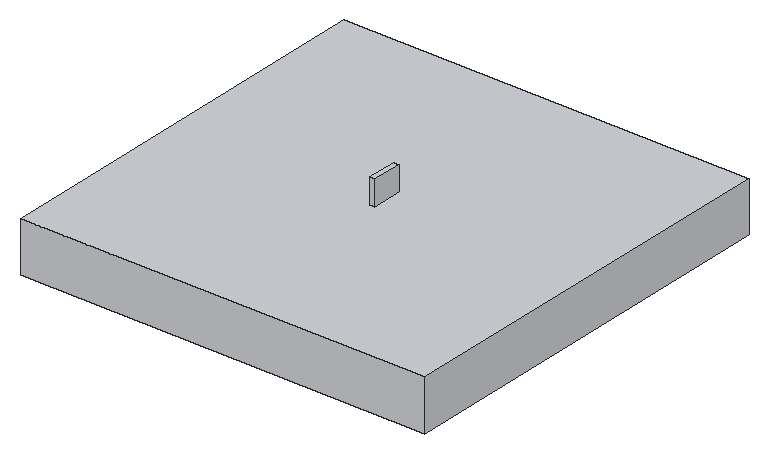
Revit family "LE_D_RE_Rettungszeichenleuchte_V1700", category Leuchten, Revit 2017
Family settings
  Basisbauteil = Fläche
  Bemaßung runder Anschluss = Durchmesser verwenden
  Teiletyp = Normal
  OmniClass-Nummer = 23.80.70.11.21
  OmniClass-Titel = Emergency Lighting
  Beim Laden mit Abzugskörper schneiden = Nein
  Lichtquelle = Ja
  Gemeinsam genutzt = Nein
  Raumberechnungspunkt = Nein
Parameters (values of type "Rettungszeichenleuchte_Wuerfel")
  pbr_Material_KZ = ""
  pbr_Material = none
  pbr_E_Typ = ""
  pbr_E_KZ = ""
  pbr_DINBild = 0
  pbr_Bild = 0
  Zentrale [instance] = ""
  Würfel = yes
  built-in parameter 1150104 = 13.8 (stored number, unit not read)
  Wirkleistung [instance] = 0 W
  Wattage = 9.2903 W
  Emit from Line Length = 609.6 mm
  built-in parameter 1150113 = 1 (stored number, unit not read)
  built-in parameter 1114218 = 1 (stored number, unit not read)
  Typ = ""
  Text3 = ""
  Text2 = ""
  Text1 = ""
  built-in parameter 1150134 = 3
  built-in parameter 1150109 = 1 (stored number, unit not read)
  built-in parameter 1150110 = 1 (stored number, unit not read)
  Scheinleistung [instance] = 0 VA
  Apparent Load = 0 VA
  Schaltgruppe2 [instance] = 0
  Schaltgruppe1 [instance] = 0
  Rettungszeichenleuchte = no
  Planungsbüro Rohling = "www.pbr.de"
  Menge(Dosenzahl) = 1
  Linie/Anschluss [instance] = ""
  built-in parameter 1114217 = 1 (stored number, unit not read)
  built-in parameter 1150139 = (empty or 0)
  built-in parameter 1150105 = 439.27 (stored number, unit not read)
  built-in parameter 1150114 = 1 (stored number, unit not read)
  Lumens = 1380 lm
  built-in parameter 1150115 = 1 (stored number, unit not read)
  Lampentyp [instance] = ""
  built-in parameter 1150112 = 1 (stored number, unit not read)
  Kommentar zur Wattzahl [instance] = ""
  Installationsart [instance] = ""
  Info = ""
  Light Source Symbol Size = 609.6 mm
  Gewerk [instance] = "SIBEL"
  Dimming Lamp Color Temperature Shift = (empty or 0)
  Color Filter = 16777215
  built-in parameter 1150133 = 10 (stored number, unit not read)
  built-in parameter 1150137 = (empty or 0)
  built-in parameter 1150132 = (empty or 0)
  Breite 1 = Breite * 0.7  # 21 mm
  Breite = 30 mm
  Spannung = 230 V
  built-in parameter 1150106 = 4.3927 (stored number, unit not read)
  Anzahl Pole = 1
  Material = none
  Lastklassifizierung = Beleuchtung
  Länge 1 = Länge * 0.7  # 126 mm
  Länge = 180 mm
  Tiefe 2 = 7 mm
  Tiefe 1 = 10.5 mm
  Default Elevation = 1219.2 mm
  built-in parameter 1150107 = 3200 (stored number, unit not read)
  built-in parameter 1150102 = (empty or 0)
  built-in parameter 1150138 = (empty or 0)
Types (2, lengths in mm): name | Würfel | Rettungszeichenleuchte | Länge 1 | Länge
  Rettungszeichenleuchte_Wuerfel | yes | no | 126 | 180
  Rettungszeichenleuchte_allg | no | yes | 140 | 200
Reference planes
  plane 1 "Mitte (Vorne/Hinten)": y = 0
  plane 2: z = 0
  plane 3 "Mitte (Links/Rechts)": x = 0
  plane 4: y = 90
  plane 5: y = -90
  plane 6: x = -15
  plane 7: x = 15
  plane 8: z = 21
  plane 9: z = 10.5
  plane 10: z = 28
  plane 11: z = 35
  plane 12: z = 32.667
  plane 13: z = 30.333
Forms (mm)
  Extrusion 1, solid
    sketch origin (0, 0, 0) x (1, 0, 0) y (0, 1, 0)
      loop
        line (-1219.2, 1219.2) -> (-1219.2, -1219.2) -> (1219.2, -1219.2) -> (1219.2, 1219.2) -> (-1219.2, 1219.2)
    from 0 to -304.8
  Extrusion 2, solid, material <- "Material"
    sketch origin (0, 0, 0) x (1, 0, 0) y (0, 1, 0)
      loop
        line (-15, 90) -> (-15, -90) -> (15, -90) -> (15, 90) -> (-15, 90)
    from 0 to 150
Dimensions and locks
  equal spacing: plane 6, plane 3 "Mitte (Links/Rechts)", plane 7
  equal spacing: plane 4, plane 1 "Mitte (Vorne/Hinten)", plane 5
  "Tiefe 1": plane 9 to plane 2
  locked: plane 11 to plane 2 at 35
  "Tiefe 2": plane 11 to plane 10
  "Tiefe 2": plane 10 to plane 8
  equal spacing: plane 11, plane 12, plane 13, plane 10
  Extrusion 2 sketch curve to plane 3 "Mitte (Links/Rechts)" to Extrusion 2 sketch curve = 15 mm, 15 mm
  "Breite": plane 6 to plane 7
  "Länge": plane 4 to plane 5
  aligned and locked: plane 2 to Extrusion 1
  aligned and locked: level to Extrusion 1
  aligned and locked: Extrusion 2 to plane 2
  aligned and locked: Extrusion 2 to plane 5
  aligned and locked: plane 7 to Extrusion 2
  aligned and locked: plane 4 to Extrusion 2
  aligned and locked: Extrusion 2 to plane 6
  aligned and locked: nested 2 to plane 1 "Mitte (Vorne/Hinten)"
  aligned and locked: plane 3 "Mitte (Links/Rechts)" to nested 2
  aligned and locked: plane 3 "Mitte (Links/Rechts)" to nested 1
  aligned and locked: plane 1 "Mitte (Vorne/Hinten)" to nested 1
Automatic sketch dimensions
  Extrusion 1 sketch curve to Extrusion 1 sketch curve = 2438.4 mm  (x2)
  Extrusion 2 sketch curve to plane 5 = 0 mm
  Extrusion 2 sketch curve to plane 4 = 0 mm
Nested families
  nested 1: "Rettungszeichenleuchte Würfel" at (0, 0, 35), visible <- "Würfel", type "Rettungszeichenleuchte Würfel"
  nested 2: "Rettungszeichenleuchte" at (0, 0, 35) x (0, 1, 0) z (0, 0, 1), visible <- "Rettungszeichenleuchte", type "Rettungszeichenleuchte"
Connectors
  electrical at (0, 0, 0), driven by "Anzahl Pole", driven by "Lastklassifizierung", driven by "Spannung", driven by "Apparent Load"
    settings: on Extrusion 2, index 1, voltage 230 V, apparent load 0 VA, apparent load phase1 0 VA, apparent load phase2 0 VA, apparent load phase3 0 VA, power factor 1, load classification "Beleuchtung", number of poles 1, system type 30, power factor state 1, is connector primary yes, connector utility no, sub classification motor no, connector description ""
Definition of nested family "Rettungszeichenleuchte Würfel"
  Reference planes
    plane 1 "Mitte (Vorne/Hinten)": y = 0
    plane 2: z = 0
    plane 3 "Mitte (Links/Rechts)": x = 0
    plane 4: y = 160
    plane 5: y = -160
    plane 6: x = -160
    plane 7: x = 160
    plane 8: y = 115
    plane 9: x = -110
    plane 10: x = 110
    plane 11: y = -115
    plane 12: y = 80
    plane 13: y = -80
    plane 14: x = -70
    plane 15: x = 70
    plane 16: y = 1
    plane 17: y = -1
    plane 18: x = -1
    plane 19: x = 1
    plane 20: x = 1
  Lines and regions (mm)
    Filled region 1, type "Flächenfüllung Schwarz", in view "Referenzebene"
      outline origin (0, 0, 0) x (1, 0, 0) y (0, 1, 0)
        loop
          line (-110, 80) -> (-110, -80) -> (-1, -1) -> (-70, -115) -> (70, -115) -> (1, -1) -> (110, -80) -> (110, 80) -> (1, 1) -> (70, 115) -> (-70, 115) -> (-1, 1) -> (-110, 80)
    detail lines, in view "Referenzebene"
      curve 1: line (-160, 160, 0) -> (160, 160, 0)
      curve 2: line (-160, -160, 0) -> (-160, 160, 0)
      curve 3: line (160, -160, 0) -> (-160, -160, 0)
      curve 4: line (160, 160, 0) -> (160, -160, 0)
  Dimensions and locks
    equal spacing: plane 6, plane 3 "Mitte (Links/Rechts)", plane 7
    equal spacing: plane 4, plane 1 "Mitte (Vorne/Hinten)", plane 5
    equal spacing: plane 8, plane 1 "Mitte (Vorne/Hinten)", plane 11
    equal spacing: plane 9, plane 3 "Mitte (Links/Rechts)", plane 10
    plane 4 to plane 12 = 80 mm
    plane 13 to plane 5 = 80 mm
    plane 17 to plane 1 "Mitte (Vorne/Hinten)" to plane 16 = 1 mm, 1 mm
    plane 18 to plane 19 to plane 20 = 2 mm, 0 mm
    plane 6 to plane 7 = 320 mm
    plane 1 "Mitte (Vorne/Hinten)" to plane 4 = 160 mm
    plane 6 to plane 19 = 161 mm
    equal spacing: plane 14, plane 3 "Mitte (Links/Rechts)", plane 15
    equal spacing: plane 12, plane 1 "Mitte (Vorne/Hinten)", plane 13
    plane 12 to plane 13 = 160 mm
  Automatic sketch dimensions
    curve 1 to plane 4 = 0 mm
    curve 1 to plane 6 = 0 mm
    curve 4 to plane 7 = 0 mm
    curve 4 to plane 5 = 0 mm
    Filled region 1 sketch curve to plane 9 = 0 mm
    Filled region 1 sketch curve to plane 8 = 0 mm
    Filled region 1 sketch curve to plane 14 = 0 mm  (x2)
    Filled region 1 sketch curve to plane 11 = 0 mm
    plane 17 to Filled region 1 sketch curve = 0 mm  (x2)
    Filled region 1 sketch curve to plane 18 = 0 mm  (x2)
    plane 16 to Filled region 1 sketch curve = 0 mm  (x2)
    Filled region 1 sketch curve to plane 19 = 0 mm  (x2)
    Filled region 1 sketch curve to plane 15 = 0 mm  (x2)
    Filled region 1 sketch curve to plane 10 = 0 mm
    Filled region 1 sketch curve to plane 13 = 0 mm  (x2)
    Filled region 1 sketch curve to plane 12 = 0 mm  (x2)
Definition of nested family "Rettungszeichenleuchte"
  Reference planes
    plane 1 "Mitte (Vorne/Hinten)": y = 0
    plane 2: z = 0
    plane 3 "Mitte (Links/Rechts)": x = 0
    plane 4: y = 90
    plane 5: y = -90
    plane 6: x = -160
    plane 7: x = 160
    plane 8: y = 60
    plane 9: x = -95
    plane 10: x = 95
    plane 11: y = -60
    plane 12: x = -5
    plane 13: x = 5
  Lines and regions (mm)
    Filled region 1, type "Flächenfüllung Schwarz", in view "Referenzebene"
      outline origin (0, 0, 0) x (1, 0, 0) y (0, 1, 0)
        loop
          line (-95, 60) -> (-5, 0) -> (-95, -60) -> (95, -60) -> (4.237, 0.508) -> (93.475, 60) -> (-95, 60)
    detail lines, in view "Referenzebene"
      curve 1: line (-160, 90, 0) -> (160, 90, 0)
      curve 2: line (-160, -90, 0) -> (-160, 90, 0)
      curve 3: line (160, -90, 0) -> (-160, -90, 0)
      curve 4: line (160, 90, 0) -> (160, -90, 0)
  Dimensions and locks
    equal spacing: plane 6, plane 3 "Mitte (Links/Rechts)", plane 7
    equal spacing: plane 4, plane 1 "Mitte (Vorne/Hinten)", plane 5
    plane 3 "Mitte (Links/Rechts)" to plane 7 = 160 mm
    plane 4 to plane 1 "Mitte (Vorne/Hinten)" = 90 mm
    equal spacing: plane 8, plane 1 "Mitte (Vorne/Hinten)", plane 11
    equal spacing: plane 9, plane 3 "Mitte (Links/Rechts)", plane 10
  Automatic sketch dimensions
    curve 1 to plane 4 = 0 mm
    curve 1 to plane 6 = 0 mm
    curve 4 to plane 7 = 0 mm
    curve 4 to plane 5 = 0 mm
    Filled region 1 sketch curve to plane 9 = 0 mm  (x2)
    Filled region 1 sketch curve to plane 8 = 0 mm
    plane 1 "Mitte (Vorne/Hinten)" to Filled region 1 sketch curve = 0 mm
    Filled region 1 sketch curve to plane 12 = 0 mm
    Filled region 1 sketch curve to plane 1 "Mitte (Vorne/Hinten)" = 0.508 mm
    Filled region 1 sketch curve to plane 13 = 0.763 mm
    Filled region 1 sketch curve to plane 10 = 1.525 mm
    Filled region 1 sketch curve to plane 10 = 0 mm
    Filled region 1 sketch curve to plane 11 = 0 mm
